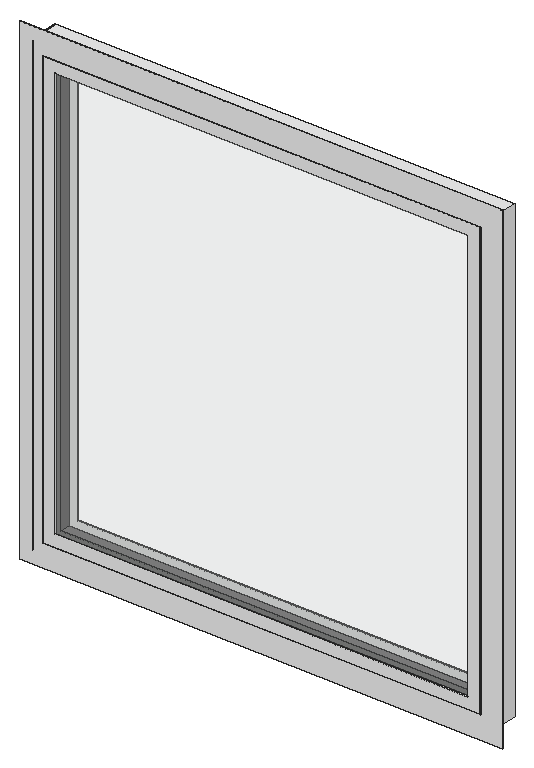
Revit family "Casement_30.5_F_Top_Hung_Standard", category Windows, host Wall, Revit 2014
Parameters (values of type "Casement_Sash_DG")
  Width Sash [instance] = 30 mm
  Width Sash Inner = 15 mm
  Width Bead = 15 mm
  Top Hung [instance] = yes
  Side Hung Right [instance] = yes
  Side Hung Left [instance] = yes
  Sash Opening Width [instance] = 600 mm
  Sash Opening Height [instance] = 600.312 mm
  Sash Lip = 15 mm
  Glazing Material [instance] = Glass
  DG Start Piece 2 [instance] = DG End Piece 1 + DG Gasket Thickness  # 25 mm
  DG Start Peice 1 [instance] = (Depth Sash - (2 * DG Glazing Thickness) - DG Gasket Thickness) / 2  # 6.6 mm
  Glazing Offset = 5 mm
  DG Glazing Thickness [instance] = 6.4 mm
  DG Gasket Thickness = 12 mm  # constant formula
  DG Gasket Material [instance] = Double Glazing Gasket Material
  DG End Piece 2 [instance] = DG Start Piece 2 + DG Glazing Thickness  # 31.4 mm
  DG End Piece 1 [instance] = DG Start Peice 1 + DG Glazing Thickness  # 13 mm
  Depth Sash [instance] = 38 mm
  Center Vertical Sash [instance] = Sash Opening Height / 2  # 300.156 mm
  Center Horizontal Sash [instance] = Sash Opening Width / 2  # 300 mm
  Bottom Hung [instance] = yes
  Bead Offset = 15 mm
  Aluminium Thickness = 1 mm
  Aluminium Material [instance] = White Powder Coated Aluminium
Reference planes
  plane 1 "Center (Front/Back)": y = 0
  plane 2: z = 0
  plane 3 "Center (Left/Right)": x = 0
Forms (mm)
  Sweep 1, solid, material "White Powder Coated Aluminium" <- "Aluminium Material"
    path origin (16.177, 0, 121.331) x (1, 0, 0) y (0, 0, 1)
      loop
        line (0, 0) -> (600, 0) -> (600, 600.312) -> (0, 600.312) -> (0, 0)
    profile origin (316.177, 0, 121.331) x (0, 0, 1) y (0, -1, 0)
      loop
        line (0, 0) -> (30, 0) -> (30, 1) -> (15, 1) -> (15, 38) -> (-15, 38) -> (-15, 37) -> (0, 37) -> (0, 0)
      loop
        line (14, 1) -> (14, 37) -> (1, 37) -> (1, 1) -> (14, 1)
  Sweep 2, solid, material "White Powder Coated Aluminium" <- "Aluminium Material"
    path origin (0, 0, 0) x (1, 0, 0) y (0, 0, 1)
      loop
        line (31.177, 706.643) -> (31.177, 136.331) -> (601.177, 136.331) -> (601.177, 706.643) -> (31.177, 706.643)
    profile origin (316.177, 0, 706.643) x (0, 0, 1) y (0, -1, 0)
      loop
        line (0, 37) -> (0, 38) -> (-15, 38) -> (-15, 37) -> (0, 37)
  Extrusion 3, solid, material "Glass" <- "Glazing Material"
    sketch origin (0, 0, 0) x (1, 0, 0) y (0, 0, 1)
      loop
        line (36.177, 701.643) -> (36.177, 141.331) -> (596.177, 141.331) -> (596.177, 701.643) -> (36.177, 701.643)
    from 6.6 <- "DG Start Peice 1" to 13 <- "DG End Piece 1"
  Extrusion 4, solid, material "Glass" <- "Glazing Material"
    sketch origin (0, 0, 0) x (1, 0, 0) y (0, 0, 1)
      loop
        line (36.177, 701.643) -> (36.177, 141.331) -> (596.177, 141.331) -> (596.177, 701.643) -> (36.177, 701.643)
    from 31.4 <- "DG End Piece 2" to 25 <- "DG Start Piece 2"
  Sweep 5, solid, material "Double Glazing Gasket Material" <- "DG Gasket Material"
    path origin (0, -13, 0) x (1, 0, 0) y (0, 0, 1)
      loop
        line (36.177, 701.643) -> (36.177, 141.331) -> (596.177, 141.331) -> (596.177, 701.643) -> (36.177, 701.643)
    profile origin (316.177, -13, 701.643) x (0, 0, 1) y (0, -1, 0)
      loop
        line (0, 0) -> (0, 12) -> (-7.96, 12) -> (-7.96, 0) -> (0, 0)
Lines and regions (mm)
  model lines
    curve 1: line (1.177, -38, 736.643) -> (31.177, -38, 706.643)
    curve 2: line (601.177, -38, 706.643) -> (631.177, -38, 736.643)
    curve 3: line (601.177, -38, 136.331) -> (631.177, -38, 106.331)
    curve 4: line (1.177, -38, 106.331) -> (31.177, -38, 136.331)
    curve 5: line (631.177, -37, 736.643) -> (616.177, -37, 721.643)
    curve 6: line (1.177, -37, 736.643) -> (16.177, -37, 721.643)
    curve 7: line (1.177, -37, 106.331) -> (16.177, -37, 121.331)
    curve 8: line (631.177, -37, 106.331) -> (616.177, -37, 121.331)
    curve 9: line (616.177, 0, 121.331) -> (586.177, 0, 151.331)
    curve 10: line (46.177, 0, 151.331) -> (16.177, 0, 121.331)
    curve 11: line (616.177, 0, 721.643) -> (586.177, 0, 691.643)
    curve 12: line (46.177, 0, 691.643) -> (16.177, 0, 721.643)
    curve 13: line (31.177, -38, 691.643) -> (46.177, -38, 691.643)
    curve 14: line (586.177, -38, 691.643) -> (601.177, -38, 691.643)
    curve 15: line (586.177, -38, 151.331) -> (601.177, -38, 151.331)
    curve 16: line (31.177, -38, 151.331) -> (46.177, -38, 151.331)
  model lines, style "GenericModelHiddenLines", visible <- "Top Hung"
    curve 17: line (46.386, -31.4, 690.914) -> (316.177, -31.4, 151.331)
    curve 18: line (316.177, -31.4, 151.331) -> (586.177, -31.4, 691.331)
  model lines, style "GenericModelHiddenLines", visible <- "Bottom Hung"
    curve 19: line (46.177, -31.4, 151.331) -> (316.177, -31.4, 691.331)
    curve 20: line (316.177, -31.4, 691.331) -> (586.177, -31.4, 151.331)
  model lines, style "GenericModelHiddenLines", visible <- "Side Hung Left"
    curve 21: line (46.386, -31.4, 690.914) -> (585.24, -31.4, 421.487)
    curve 22: line (585.24, -31.4, 421.487) -> (46.177, -31.4, 151.331)
  model lines, style "GenericModelHiddenLines", visible <- "Side Hung Right"
    curve 23: line (586.177, -31.4, 691.331) -> (46.177, -31.4, 421.487)
    curve 24: line (46.177, -31.4, 421.487) -> (586.177, -31.4, 151.331)
Dimensions and locks
  "Aluminium Thickness": Sweep 1 sketch curve to Sweep 1 sketch curve  (x4)
  "Depth Sash": Sweep 1 sketch curve to Sweep 1 sketch curve
  "Sash Opening Width": Sweep 1 to Sweep 1
  "Sash Opening Height": Sweep 1 to Sweep 1
  "Width Sash": Sweep 1 sketch curve to Sweep 1 sketch curve  (x2)
  "Width Sash Inner": Sweep 1 sketch curve to Sweep 1 sketch curve
  "Sash Lip": Sweep 1 sketch curve to Sweep 1 sketch curve
  "Aluminium Thickness": Sweep 1 to Sweep 2 sketch curve
  "Glazing Offset": Sweep 2 to Extrusion 3 sketch curve  (x3)
  "Glazing Offset": Extrusion 3 sketch curve to Sweep 2
  Sweep 1 to Sweep 1 = 1 mm
  "Aluminium Thickness": Sweep 2 sketch curve to Sweep 2 sketch curve
  "Width Bead": Sweep 2 sketch curve to Sweep 2 sketch curve
  locked: Sweep 5 sketch curve to Sweep 5 sketch curve at 7.96
  "Center Horizontal Sash": Sweep 1 to curve 18
  "Center Horizontal Sash": Sweep 1 to curve 20
  "Center Vertical Sash": Sweep 1 to curve 22
  "Center Vertical Sash": Sweep 1 to curve 24
  aligned and locked: level to plane 2
  aligned and locked: Sweep 1 sketch curve to Sweep 1 sketch curve  (x2)
  aligned and locked: Sweep 2 sketch curve to Sweep 1  (x5)
  aligned and locked: Extrusion 4 sketch curve to Extrusion 3  (x4)
  aligned and locked: Sweep 5 sketch curve to Extrusion 3  (x5)
  aligned and locked: Extrusion 3 to Sweep 5 sketch curve
Automatic sketch dimensions
  plane 3 "Center (Left/Right)" to Sweep 1 sketch curve = 16.177 mm
  level to Sweep 1 sketch curve = 121.331 mm
  plane 3 "Center (Left/Right)" to Sweep 1 sketch curve = 616.177 mm
  level to Sweep 1 sketch curve = 721.643 mm
  profile plane to Sweep 5 sketch curve = 12 mm
  curve 7 to Sweep 1 = 0 mm  (x4)
  curve 6 to Sweep 1 = 0 mm  (x3)
  Sweep 1 to curve 6 = 0 mm
  curve 5 to Sweep 1 = 0 mm  (x3)
  curve 8 to Sweep 1 = 0 mm  (x4)
  Sweep 1 to curve 5 = 0 mm
  curve 16 to Sweep 2 = 0 mm  (x3)
  curve 13 to Sweep 2 = 0 mm  (x3)
  curve 15 to Sweep 2 = 0 mm
  Sweep 2 to curve 15 = 0 mm  (x2)
  curve 14 to Sweep 2 = 0 mm  (x2)
  Sweep 2 to curve 14 = 0 mm
  curve 1 to Sweep 1 = 0 mm  (x4)
  curve 4 to Sweep 1 = 0 mm  (x3)
  Sweep 1 to curve 4 = 0 mm
  curve 3 to Sweep 1 = 0 mm  (x3)
  curve 2 to Sweep 1 = 0 mm  (x4)
  Sweep 1 to curve 3 = 0 mm
  curve 10 to Sweep 1 = 0 mm  (x4)
  curve 12 to Sweep 1 = 0 mm  (x3)
  Sweep 1 to curve 12 = 0 mm
  curve 9 to Sweep 1 = 0 mm  (x4)
  curve 11 to Sweep 1 = 0 mm  (x3)
  Sweep 1 to curve 11 = 0 mm
  Sweep 1 sketch curve to plane 1 "Center (Front/Back)" = 0 mm
  profile plane to Sweep 1 sketch curve = 0 mm
  curve 21 to Extrusion 4 = 10.208 mm
  curve 19 to Extrusion 4 = 10 mm
  curve 23 to Extrusion 4 = 10 mm  (x2)
  curve 22 to Extrusion 4 = 10.937 mm
  curve 20 to Extrusion 4 = 10 mm
  curve 24 to Extrusion 4 = 10 mm
  curve 22 to Extrusion 4 = 10 mm
  curve 18 to Extrusion 4 = 10 mm
  curve 21 to Extrusion 4 = 10.729 mm
  curve 19 to Extrusion 4 = 10.312 mm
  curve 18 to Extrusion 4 = 10.312 mm
Types in the file's own list only (6): name | Windload Design | Width Sash Right Opening | Width Sash Left Opening | Width Sash Right | Width Sash Left | Width Profile | Width Fixed Panel Right | Width Fixed Panel Left | Width Fixed Panel Center | Width | URL | Offset Window Exterior | Max System DG Unit Thickness | Max System DG One Piece Thickness | Max Pane Area | Intruderprufe U Value | Intruderprufe SHGC Value | Intruderprufe LowE U Value | Intruderprufe LowE SHGC Value | Height Fixed Panel Right | Height Fixed Panel Left | Height | Energy Advantage U Value | Energy Advantage SHGC Value | DG Thickness Calc | DG Thickness | Custom Window Width | Custom Window Height | Window Exterior Offset | Custom Windload | Custom Sash Right Width | Custom Sash Right Height | Custom Sash Left Width | Custom Sash Left Height | Sash Spacing Inner | Sash Overlap | Sash Center Offset | SG Gasket Thickness | Offset Sash Side | Offset Sash Top | Offset Mullion Right | Offset Fixed Panel Center Left | Offset Mullion Left | Offset Transom Right Top | Offset Transom Left Top | Offset Bead Center Reversed | Model | Manufacturer | Limit Window Width Min | Limit Window Width Max | Limit Window Height Min | Limit Window Height Max | Limit Sash Width Min | Limit Sash Width Max | Limit Sash Height Min | Limit Sash Height Max | Limit Fixed Pane Width Min | Limit Fixed Pane Width Max | Limit Fixed Pane Height Min | Limit Fixed Pane Height Max | Length Transom Right | Length Transom Left | Length Mullion | Height Sash Right Opening | Height Sash Right | Height Sash Left Opening | Height Sash Left | Height Fixed Panel Center | Double Glazing | Description | Depth Mullion | Frame Center Offset | Depth Bead | Default Sill Height | Wall Closure | DG Gasket Finish | DG Extrusion Start | Mullion Depth Windload Based | Clearvue U Value | Clearvue SHGC Value | Casement Dimension | Bottom Hung | Bead SG Gap | Area Pane Right Top | Area Pane Right Bottom | Area Pane Middle | Area Pane Left Top | Area Pane Left Bottom
  305-1809TT-1000Pa | 1000 mm | 554 mm | 554 mm | 524 mm | 524 mm | 30 mm | 540 mm | 540 mm | 590 mm | 1790 mm | "http://www.crealco.co.za/crealco-products.php" | 15 mm | 18 mm | 3 mm | 0.48 m² | 6.88 | 0.622 | 5.27 | 0.552 | 260 mm | 260 mm | 890 mm | 5.41 | 0.584 | 3 mm | 3 mm | 1790 mm | 890 mm | 0 mm | 1000 mm | 554 mm | 554 mm | 554 mm | 554 mm | 8 mm | 7 mm | 12 mm | 6 mm | 23 mm | 23 mm | 570 mm | 600 mm | 570 mm | 570 mm | 570 mm | 15 mm | "Casement 30.5" | "Crealco" | 1400 mm | 2700 mm | 830 mm | 1860 mm | 300 mm | 1000 mm | 300 mm | 750 mm | 200 mm | 1500 mm | 200 mm | 1800 mm | 540 mm | 540 mm | 890 mm | 554 mm | 524 mm | 554 mm | 524 mm | 830 mm | No | "Window 30.5mm, Type F top hung" | 32 mm | 15 mm | 17 mm | 800 mm | By host | Double Glazing Gasket Material | 5 mm | 32 mm | 7.04 | 0.652 | 31 mm | No | 13 mm | 0.23 m² | 0.13 m² | 0.48 m² | 0.23 m² | 0.13 m²
  305-2409TT-1000Pa | 1000 mm | 554 mm | 554 mm | 524 mm | 524 mm | 30 mm | 540 mm | 540 mm | 1190 mm | 2390 mm | "http://www.crealco.co.za/crealco-products.php" | 15 mm | 18 mm | 3 mm | 0.97 m² | 7.26 | 0.715 | 5.41 | 0.633 | 260 mm | 260 mm | 890 mm | 5.55 | 0.671 | 3 mm | 3 mm | 2390 mm | 890 mm | 0 mm | 1000 mm | 554 mm | 554 mm | 554 mm | 554 mm | 8 mm | 7 mm | 12 mm | 6 mm | 23 mm | 23 mm | 570 mm | 600 mm | 570 mm | 570 mm | 570 mm | 15 mm | "Casement 30.5" | "Crealco" | 1400 mm | 2700 mm | 830 mm | 1860 mm | 300 mm | 1000 mm | 300 mm | 750 mm | 200 mm | 1500 mm | 200 mm | 1800 mm | 540 mm | 540 mm | 890 mm | 554 mm | 524 mm | 554 mm | 524 mm | 830 mm | No | "Window 30.5mm, Type F top hung" | 32 mm | 15 mm | 17 mm | 800 mm | By host | Double Glazing Gasket Material | 5 mm | 32 mm | 7.43 | 0.75 | 31 mm | No | 13 mm | 0.23 m² | 0.13 m² | 0.97 m² | 0.23 m² | 0.13 m²
  305-2409TT-2000Pa | 2000 mm | 554 mm | 554 mm | 524 mm | 524 mm | 30 mm | 540 mm | 540 mm | 1190 mm | 2390 mm | "http://www.crealco.co.za/crealco-products.php" | 15 mm | 18 mm | 3 mm | 0.97 m² | 7.26 | 0.715 | 5.51 | 0.634 | 260 mm | 260 mm | 890 mm | 5.64 | 0.673 | 3 mm | 3 mm | 2390 mm | 890 mm | 0 mm | 2000 mm | 554 mm | 554 mm | 554 mm | 554 mm | 8 mm | 7 mm | 12 mm | 6 mm | 23 mm | 23 mm | 570 mm | 600 mm | 570 mm | 570 mm | 570 mm | 15 mm | "Casement 30.5" | "Crealco" | 1400 mm | 2700 mm | 830 mm | 1860 mm | 300 mm | 1000 mm | 300 mm | 750 mm | 200 mm | 1500 mm | 200 mm | 1800 mm | 540 mm | 540 mm | 890 mm | 554 mm | 524 mm | 554 mm | 524 mm | 830 mm | No | "Window 30.5mm, Type F top hung" | 54 mm | 15 mm | 17 mm | 800 mm | By host | Double Glazing Gasket Material | 5 mm | 54 mm | 7.43 | 0.751 | 31 mm | No | 13 mm | 0.23 m² | 0.13 m² | 0.97 m² | 0.23 m² | 0.13 m²
  305-1809TT-1500Pa | 1500 mm | 554 mm | 554 mm | 524 mm | 524 mm | 30 mm | 540 mm | 540 mm | 590 mm | 1790 mm | "http://www.crealco.co.za/crealco-products.php" | 15 mm | 18 mm | 3 mm | 0.48 m² | 6.88 | 0.622 | 5.27 | 0.552 | 260 mm | 260 mm | 890 mm | 5.41 | 0.584 | 3 mm | 3 mm | 1790 mm | 890 mm | 0 mm | 1500 mm | 554 mm | 554 mm | 554 mm | 554 mm | 8 mm | 7 mm | 12 mm | 6 mm | 23 mm | 23 mm | 570 mm | 600 mm | 570 mm | 570 mm | 570 mm | 15 mm | "Casement 30.5" | "Crealco" | 1400 mm | 2700 mm | 830 mm | 1860 mm | 300 mm | 1000 mm | 300 mm | 750 mm | 200 mm | 1500 mm | 200 mm | 1800 mm | 540 mm | 540 mm | 890 mm | 554 mm | 524 mm | 554 mm | 524 mm | 830 mm | No | "Window 30.5mm, Type F top hung" | 32 mm | 15 mm | 17 mm | 800 mm | By host | Double Glazing Gasket Material | 5 mm | 32 mm | 7.04 | 0.652 | 31 mm | No | 13 mm | 0.23 m² | 0.13 m² | 0.48 m² | 0.23 m² | 0.13 m²
  305-1809TT-2000Pa | 2000 mm | 554 mm | 554 mm | 524 mm | 524 mm | 30 mm | 540 mm | 540 mm | 590 mm | 1790 mm | "http://www.crealco.co.za/crealco-products.php" | 15 mm | 18 mm | 3 mm | 0.48 m² | 6.88 | 0.622 | 5.27 | 0.552 | 260 mm | 260 mm | 890 mm | 5.41 | 0.584 | 3 mm | 3 mm | 1790 mm | 890 mm | 0 mm | 2000 mm | 554 mm | 554 mm | 554 mm | 554 mm | 8 mm | 7 mm | 12 mm | 6 mm | 23 mm | 23 mm | 570 mm | 600 mm | 570 mm | 570 mm | 570 mm | 15 mm | "Casement 30.5" | "Crealco" | 1400 mm | 2700 mm | 830 mm | 1860 mm | 300 mm | 1000 mm | 300 mm | 750 mm | 200 mm | 1500 mm | 200 mm | 1800 mm | 540 mm | 540 mm | 890 mm | 554 mm | 524 mm | 554 mm | 524 mm | 830 mm | No | "Window 30.5mm, Type F top hung" | 32 mm | 15 mm | 17 mm | 800 mm | By host | Double Glazing Gasket Material | 5 mm | 32 mm | 7.04 | 0.652 | 31 mm | No | 13 mm | 0.23 m² | 0.13 m² | 0.48 m² | 0.23 m² | 0.13 m²
  305-2409TT-1500Pa | 1500 mm | 554 mm | 554 mm | 524 mm | 524 mm | 30 mm | 540 mm | 540 mm | 1190 mm | 2390 mm | "http://www.crealco.co.za/crealco-products.php" | 15 mm | 18 mm | 3 mm | 0.97 m² | 7.26 | 0.715 | 5.41 | 0.633 | 260 mm | 260 mm | 890 mm | 5.55 | 0.671 | 3 mm | 3 mm | 2390 mm | 890 mm | 0 mm | 1500 mm | 554 mm | 554 mm | 554 mm | 554 mm | 8 mm | 7 mm | 12 mm | 6 mm | 23 mm | 23 mm | 570 mm | 600 mm | 570 mm | 570 mm | 570 mm | 15 mm | "Casement 30.5" | "Crealco" | 1400 mm | 2700 mm | 830 mm | 1860 mm | 300 mm | 1000 mm | 300 mm | 750 mm | 200 mm | 1500 mm | 200 mm | 1800 mm | 540 mm | 540 mm | 890 mm | 554 mm | 524 mm | 554 mm | 524 mm | 830 mm | No | "Window 30.5mm, Type F top hung" | 32 mm | 15 mm | 17 mm | 800 mm | By host | Double Glazing Gasket Material | 5 mm | 32 mm | 7.43 | 0.75 | 31 mm | No | 13 mm | 0.23 m² | 0.13 m² | 0.97 m² | 0.23 m² | 0.13 m²
